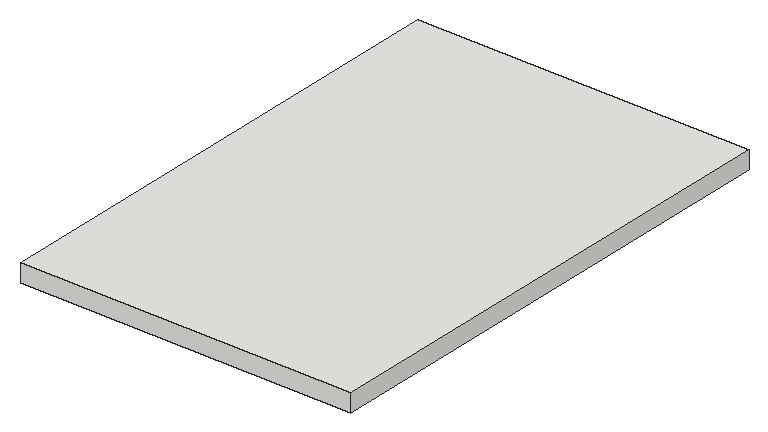
Revit family "SURVIVOR130xxWS840SAS0500x", category Leuchten, Revit 2024
Family settings
  Basisbauteil = Fläche
  Bemaßung runder Anschluss = Durchmesser verwenden
  Teiletyp = Normal
  OmniClass-Nummer = 23.80.70.11
  OmniClass-Titel = Luminaries for Internal Lighting
  Beim Laden mit Abzugskörper schneiden = Nein
  Lichtquelle = Ja
  Beschriftungsausrichtung beibehalten = Nein
  Gemeinsam genutzt = Nein
  Raumberechnungspunkt = Nein
Parameters (values of type "SURVIVOR130NDWS840SAS0500-RF")
  width = 240 mm  # constant formula
  weight = "11"
  voltage type (AC, DC, UC) = "AC"
  rated input power = 35
  product name = "SURVIVOR130NDWS840SAS0500-RF"
  nominal voltage = "230"
  nominal frequency = "50-60Hz"
  length = 1300 mm  # constant formula
  ingress protection (IP) code = "IP65"
  height = 73 mm  # constant formula
  electrical safety class = "1"
  control gear = ""
  conformity mark = "CE"  # constant formula
  brand = "RIDI"
  approval mark = ""
  built-in parameter 1150104 = 13.8 (stored number, unit not read)
  Wattage = 29.6213 W
  Von Breite des Rechtecks ausssenden = 1228 mm
  Von Länge des Rechtecks aussenden = 181 mm  # constant formula
  Default Elevation = 0 mm
  built-in parameter 1150113 = 1 (stored number, unit not read)
  built-in parameter 1114218 = 1 (stored number, unit not read)
  URL = "www.ridi.de"
  built-in parameter 1150134 = 12
  built-in parameter 1150109 = 1 (stored number, unit not read)
  built-in parameter 1150110 = 1 (stored number, unit not read)
  Apparent Load = 35 VA
  Tilt Angle = 90.00°
  Modell = "0622216//420"
  built-in parameter 1114217 = 1 (stored number, unit not read)
  built-in parameter 1150139 = (empty or 0)
  built-in parameter 1150105 = 350.14 (stored number, unit not read)
  built-in parameter 1150114 = 1 (stored number, unit not read)
  Lumens = 4400 lm
  built-in parameter 1150115 = 1 (stored number, unit not read)
  built-in parameter 1150112 = 1 (stored number, unit not read)
  Lampe = "LED"
  Hersteller = "RIDI Leuchten GmbH"  # constant formula
  Dimming Lamp Color Temperature Shift = (empty or 0)
  Color Filter = 16777215
  built-in parameter 1150133 = 10 (stored number, unit not read)
  Emit Shape Visible in Rendering = no
  built-in parameter 1150137 = (empty or 0)
  built-in parameter 1150132 = 2
  Datei für fotometrisches Netz = "SURVIVOR_SAS.IES"
  Copyright = "© RIDI. All rights reserved."  # constant formula
  built-in parameter 1150106 = 3.5014 (stored number, unit not read)
  Baugruppenkennzeichen = "D5020200"
  built-in parameter 1150107 = 4000 (stored number, unit not read)
  built-in parameter 1150102 = (empty or 0)
  built-in parameter 1150138 = (empty or 0)
Types (3, lengths in mm): name | product name | Wattage | Modell | built-in parameter 1150105 | Lumens | built-in parameter 1150106
  (no name) | "SURVIVOR130NDWS840SAS0500-RF" | 29.6213 W | "0622216//420" | 350.14 (stored number, unit not read) | 4400 lm | 3.5014 (stored number, unit not read)
  SURVIVOR130DAWS840SAS0500 | "SURVIVOR130DAWS840SAS0500" | 30.4291 W | "0632216" | 359.69 (stored number, unit not read) | 4520 lm | 3.5969 (stored number, unit not read)
  SURVIVOR130NDWS840SAS0500-RF | "SURVIVOR130NDWS840SAS0500-RF" | 29.6213 W | "0622216//420" | 350.14 (stored number, unit not read) | 4400 lm | 3.5014 (stored number, unit not read)
Reference planes
  plane 1 "Mitte (Vorne/hinten)": y = 0
  plane 2: z = 0
  plane 3 "Mitte (Links/rechts)": x = 0
  plane 4: z = 1200
Forms (mm)
  Extrusion 1, solid
    sketch origin (219.2, 280.8, 0) x (1, 0, 0) y (0, 1, 0)
      loop
        line (-1219.2, 1219.2) -> (-1219.2, -1780.8) -> (780.8, -1780.8) -> (780.8, 1219.2) -> (-1219.2, 1219.2)
    from 0 to -107.307
Dimensions and locks
  plane 4 to Extrusion 1 = 1200 mm
  aligned and locked: plane 2 to Extrusion 1
  aligned and locked: level to Extrusion 1
  aligned and locked: import instance to Extrusion 1
Connectors
  electrical at (53.526, -623.6, 2.275), driven by "Apparent Load"
    settings: on import instance, index 1, voltage 230 V, apparent load 0 VA, apparent load phase1 35 VA, apparent load phase2 0 VA, apparent load phase3 0 VA, power factor 1, load classification "Lighting", number of poles 1, system type 31, power factor state 1, is connector primary yes, connector utility no, sub classification motor no, connector description ""
